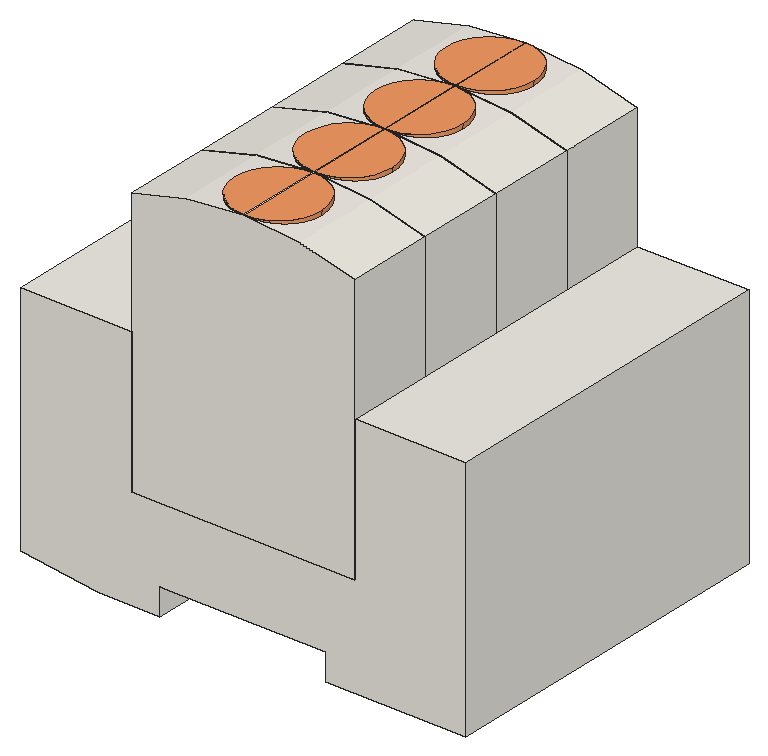
Revit family "Überspannungsableiter V20, 4-polig mit FS", category Generic Models, Revit 2015
Parameters (values of type "V20-4+FS-550")
  Width = 90 mm
  URL = "http://www.obo-bettermann.com"
  Material 2 = PA 66/6 FR HF RAL 2003
  Material = PA 66/6 FR HF RAL 9010
  Manufacturer Art.No. = "5095314"
  Manufacturer = "OBO Bettermann"
  Length = 71.2 mm
  Height = 78.5 mm
  GTIN = "4012196162956"
  Article Type = "V20-4+FS-550"
Types (4, lengths in mm): name | Manufacturer Art.No. | GTIN | Article Type
  (no name) | "5095314" | "4012196162956" | "V20-4+FS-550"
  V20-4+FS-280 | "5095284" | "4012196162819" | "V20-4+FS-280"
  V20-4+FS-385 | "5095304" | "4012196162895" | "V20-4+FS-385"
  V20-4+FS-550 | "5095314" | "4012196162956" | "V20-4+FS-550"
Reference planes
  plane 1 "Center (Front/Back)": y = 0
  plane 2: z = 0
  plane 3 "Center (Left/Right)": x = 0
  plane 4: y = 17.8
  plane 5: z = 78.5
  plane 6: z = 78.5
  plane 7: z = 77.5
  plane 8: y = 35.6
  plane 9: y = 53.4
  plane 10: y = 71.2
Forms (mm)
  Extrusion 1, solid, material "PA 66/6 FR HF RAL 9010" <- "Material"
    sketch origin (0, 0, 0) x (1, 0, 0) y (0, 0, 1)
      loop
        line (-29.35, 0) -> (-16.75, 0) -> (-16.75, 5.5) -> (16.75, 5.5) -> (16.75, 0) -> (45, 0) -> (45, 49.5) -> (22.5, 49.5) -> (22.5, 20.5) -> (-22.5, 20.5) -> (-22.5, 49.5) -> (-45, 49.5) -> (-45, 1.922) -> (-29.35, 0)
    from -71.2 to 0
  Extrusion 2, solid, material "PA 66/6 FR HF RAL 9010" <- "Material"
    sketch origin (0, 0, 0) x (1, 0, 0) y (0, 0, 1)
      loop
        line (-22.5, 20.5) -> (22.5, 20.5) -> (22.5, 74.639)
        arc (22.5, 74.639) -> (0, 78.5) -> (-22.5, 74.639) r 67.488
        line (-22.5, 74.639) -> (-22.5, 20.5)
    from -17.8 to 0
  Extrusion 3, solid, material "PA 66/6 FR HF RAL 2003" <- "Material 2"
    sketch origin (0, 0, 0) x (1, 0, 0) y (0, 1, 0)
      loop
        circle (0, 8.9) r 8.75
    from 77.5 to 78.5
  Extrusion 4, solid, material "PA 66/6 FR HF RAL 9010" <- "Material"
    sketch origin (0, 0, 0) x (1, 0, 0) y (0, 0, 1)
      loop
        line (-22.5, 74.639) -> (-22.5, 20.5) -> (22.5, 20.5) -> (22.5, 74.639)
        arc (22.5, 74.639) -> (0, 78.5) -> (-22.5, 74.639) r 67.488
    from -35.6 to -17.8
  Extrusion 5, solid, material "PA 66/6 FR HF RAL 2003" <- "Material 2"
    sketch origin (0, 0, 0) x (1, 0, 0) y (0, 1, 0)
      loop
        circle (0, 26.7) r 8.8
    from 77.5 to 78.5
  Extrusion 6, solid, material "PA 66/6 FR HF RAL 9010" <- "Material"
    sketch origin (0, 0, 0) x (1, 0, 0) y (0, 0, 1)
      loop
        line (-22.5, 74.639) -> (-22.5, 20.5) -> (22.5, 20.5) -> (22.5, 74.639)
        arc (22.5, 74.639) -> (0, 78.5) -> (-22.5, 74.639) r 67.488
    from -53.4 to -35.6
  Extrusion 7, solid, material "PA 66/6 FR HF RAL 2003" <- "Material 2"
    sketch origin (0, 0, 0) x (1, 0, 0) y (0, 1, 0)
      loop
        circle (0, 44.5) r 8.8
    from 77.5 to 78.5
  Extrusion 8, solid, material "PA 66/6 FR HF RAL 9010" <- "Material"
    sketch origin (0, 0, 0) x (1, 0, 0) y (0, 0, 1)
      loop
        line (-22.5, 74.639) -> (-22.5, 20.5) -> (22.5, 20.5) -> (22.5, 74.639)
        arc (22.5, 74.639) -> (0, 78.5) -> (-22.5, 74.639) r 67.488
    from -71.2 to -53.4
  Extrusion 9, solid, material "PA 66/6 FR HF RAL 2003" <- "Material 2"
    sketch origin (0, 0, 0) x (1, 0, 0) y (0, 1, 0)
      loop
        circle (0, 62.3) r 8.8
    from 77.5 to 78.5
Dimensions and locks
  locked: Extrusion 1 sketch curve to Extrusion 1 sketch curve at 33.5
  locked: plane 3 "Center (Left/Right)" to Extrusion 1 sketch curve at 16.75
  locked: Extrusion 1 sketch curve to level at 5.5
  "Width": Extrusion 1 sketch curve to Extrusion 1 sketch curve
  equal spacing: Extrusion 1 sketch curve, plane 3 "Center (Left/Right)", Extrusion 1 sketch curve, locked at 45 each
  locked: Extrusion 1 sketch curve to Extrusion 1 sketch curve at 44
  locked: Extrusion 1 sketch curve to Extrusion 1 sketch curve at 45
  equal spacing: Extrusion 1 sketch curve, plane 3 "Center (Left/Right)", Extrusion 1 sketch curve, locked at 22.5 each
  locked: Extrusion 1 sketch curve to Extrusion 1 sketch curve at 29
  locked: Extrusion 1 sketch curve to Extrusion 1 sketch curve at 15.65
  locked: Extrusion 1 sketch curve to level at 1.922
  "Height": plane 5 to level
  locked: Extrusion 2 sketch curve to Extrusion 1 at 54.139
  locked: Extrusion 2 to Extrusion 3 sketch curve at 8.9
  "Height": plane 6 to level
  locked: plane 6 to plane 7 at 1
  locked: plane 4 to plane 1 "Center (Front/Back)" at 17.8
  Extrusion 4 to Extrusion 5 sketch curve = 8.9 mm
  locked: plane 8 to plane 4 at 17.8
  locked: Extrusion 6 to Extrusion 7 sketch curve at 8.9
  locked: plane 9 to plane 8 at 17.8
  "Length": plane 1 "Center (Front/Back)" to plane 10
  locked: Extrusion 8 to Extrusion 9 sketch curve at 8.9
  radius of Extrusion 2 sketch curve = 67.488 mm
  radius of Extrusion 3 sketch curve = 8.75 mm
  radius of Extrusion 5 sketch curve = 8.8 mm
  radius of Extrusion 7 sketch curve = 8.8 mm
  radius of Extrusion 9 sketch curve = 8.8 mm
  aligned and locked: level to plane 2
  aligned and locked: Extrusion 1 sketch curve to level  (x2)
  aligned and locked: Extrusion 1 sketch curve to Extrusion 1 sketch curve
  aligned and locked: plane 1 "Center (Front/Back)" to Extrusion 1
  aligned and locked: Extrusion 2 sketch curve to Extrusion 1  (x3)
  aligned and locked: Extrusion 2 sketch curve to Extrusion 2 sketch curve
  aligned and locked: plane 1 "Center (Front/Back)" to Extrusion 2
  aligned and locked: plane 6 to Extrusion 3
  aligned and locked: Extrusion 3 to plane 7
  aligned and locked: Extrusion 4 sketch curve to Extrusion 2  (x4)
  aligned and locked: Extrusion 4 to plane 4
  aligned and locked: Extrusion 5 to Extrusion 3  (x2)
  aligned and locked: Extrusion 6 sketch curve to Extrusion 2  (x4)
  aligned and locked: Extrusion 6 to plane 8
  aligned and locked: Extrusion 7 to Extrusion 3  (x2)
  aligned and locked: plane 10 to Extrusion 1
  aligned and locked: Extrusion 8 sketch curve to Extrusion 2  (x4)
  aligned and locked: Extrusion 1 to Extrusion 8
  aligned and locked: Extrusion 8 to plane 9
  aligned and locked: Extrusion 9 to Extrusion 3  (x2)
Automatic sketch dimensions
  Extrusion 3 sketch curve to plane 3 "Center (Left/Right)" = 0 mm
  Extrusion 5 sketch curve to plane 3 "Center (Left/Right)" = 0 mm
  Extrusion 7 sketch curve to plane 3 "Center (Left/Right)" = 0 mm
  Extrusion 9 sketch curve to plane 3 "Center (Left/Right)" = 0 mm
